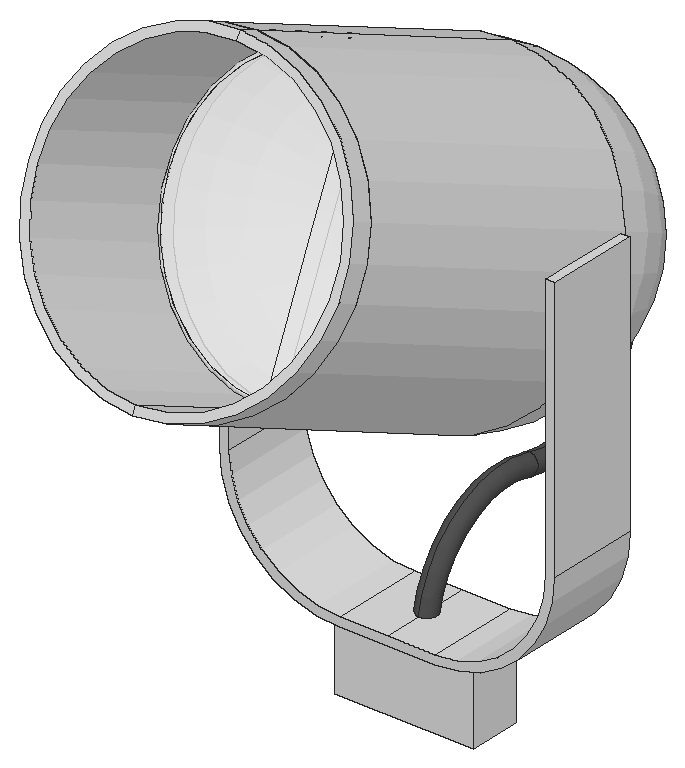
Revit family "AKTRCP20", category Lighting Fixtures, host Face, Revit 2012
Parameters (values of type "AKTRCP20")
  Wire = Black
  Wattage Comments = "300W"
  Wattage = 300 W
  built-in parameter 1150110 = 1 (stored number, unit not read)
  built-in parameter 1114217 = 1 (stored number, unit not read)
  Tilt Angle = -90.00°
  built-in parameter 1150109 = 1 (stored number, unit not read)
  built-in parameter 1150134 = 3
  built-in parameter 1150113 = 1 (stored number, unit not read)
  Photometric Web File = "generic"
  built-in parameter 1150142 = (empty or 0)
  built-in parameter 1150105 = 3546.2 (stored number, unit not read)
  Lumens = 44562.6 lm
  built-in parameter 1150115 = 1 (stored number, unit not read)
  built-in parameter 1150137 = (empty or 0)
  built-in parameter 1150139 = (empty or 0)
  built-in parameter 1150112 = 1 (stored number, unit not read)
  built-in parameter 1150114 = 1 (stored number, unit not read)
  built-in parameter 1150132 = (empty or 0)
  built-in parameter 1150102 = (empty or 0)
  built-in parameter 1150107 = 3200 (stored number, unit not read)
  built-in parameter 1150138 = (empty or 0)
  built-in parameter 1150106 = 35.462 (stored number, unit not read)
  Finish = Baked enamel finish (White)
  URL = "http://www.prescolite.com"
  Product Page URL = "http://www.prescolite.com/products/round_back_cylinders/?pbid=94170"
  Product Documentation Link = "http://www.prescolite.com/content/products/specs/specs_files/atrk_017.pdf"
  Model = "AKTRCP20"  # constant formula
  Manufacturer Phone = "864-678-1000"  # constant formula
  Manufacturer Fax = "864-678-1065"  # constant formula
  Manufacturer = "Prescolite"  # constant formula
  Lamp = "1"
  Glass = Glass
  Family = "Round Back Cylinder"
  built-in parameter 1150104 = 13.8 (stored number, unit not read)
  Dimming Lamp Color Temperature Shift = <None>
  Description = "One Line Voltage Lamp up to 300W"  # constant formula
  Default Elevation = 48"
  Color Filter = 16777215
  built-in parameter 1114218 = 1 (stored number, unit not read)
  built-in parameter 1150133 = 10 (stored number, unit not read)
Reference planes (in)
  plane 1 "Center (Front/Back)": y = 0
  plane 2: z = 0
  plane 3 "Center (Left/Right)": x = 0.0375
  plane 4: z = 8
  plane 5: through (0, -5.58377, 7.00425) normal (0, -0.4226, -0.9063)
  plane 6: through (0, -3.33377, 7.00425) normal (0, -0.9063, 0.4226)
  plane 7: x = -1.67949
  plane 8: through (0, 3.0767, 6.55433) normal (0, -0.9063, 0.4226)
  plane 9: through (0, -4.46201, 4.58474) normal (0, -0.4226, -0.9063)
  plane 10: through (0, -3.00926, 7.70017) normal (0, -0.4226, -0.9063)
Forms (in)
  Revolve 1, solid, material "Baked enamel finish (White)" <- "Finish"
    sketch origin (0.0375, -2.45915, 1.29685) x (0, -1, 0) y (0, 0, 1)
      loop
        line (0.55011, 6.40332) -> (0.32353, 6.29767) -> (0.34703, 6.24728) -> (-1.36905, 5.44706) -> (-1.35028, 5.40682) -> (0.59237, 6.31269) -> (0.55011, 6.40332)
      axis (1.27648, 4.84561) -> (-0.66617, 3.93973)
    angle from 0 to 360
  Extrusion 2, solid, material "Baked enamel finish (White)" <- "Finish"
    sketch origin (0, -1.03559, -0.09278) x (1, 0, 0) y (0, 0, 1)
      loop
        line (-1.67949, 5.09278) -> (-1.77949, 5.09278) -> (-1.77949, 2.22452)
        arc (-1.77949, 2.22452) -> (-1.39873, 1.30528) -> (-0.47949, 0.92452) r 1.3
        line (-0.47949, 0.92452) -> (0.0375, 0.92452) -> (0.55449, 0.92452)
        arc (0.55449, 0.92452) -> (1.47373, 1.30528) -> (1.85449, 2.22452) r 1.3
        line (1.85449, 2.22452) -> (1.85449, 5.09278) -> (1.75449, 5.09278) -> (1.75449, 2.22452)
        arc (1.75449, 2.22452) -> (1.40302, 1.37599) -> (0.55449, 1.02452) r 1.2
        line (0.55449, 1.02452) -> (0.0375, 1.02452) -> (-0.47949, 1.02452)
        arc (-0.47949, 1.02452) -> (-1.32802, 1.37599) -> (-1.67949, 2.22452) r 1.2
        line (-1.67949, 2.22452) -> (-1.67949, 5.09278)
    from -1.03559 to -0.02177
  Extrusion 3, solid, material "Baked enamel finish (White)" <- "Finish"
    sketch origin (0.075, 0.08483, 0) x (-1, 0, 0) y (0, 0, 1)
      loop
        line (-0.7125, 0) -> (0.7875, 0) -> (0.7875, 0.75) -> (0.5375, 0.75) -> (0.5375, 0.83174) -> (0.0375, 0.83174) -> (-0.4625, 0.83174) -> (-0.4625, 0.75) -> (-0.7125, 0.75) -> (-0.7125, 0)
    from -0.30055 to -0.86935
  Sweep 4, solid, material "Black" <- "Wire"
    path origin (0.0375, 0.44139, 0.0656) x (0, -1, 0) y (0, 0, 1)
      loop
        arc (-1.19627, 3.57124) -> (-1.6681, 2.2917) -> (-0.43985, 1.69904) r 1.01432
        arc (-0.43985, 1.69904) -> (0.53548, 1.51031) -> (0.94237, 0.60404) r 1.07807
    profile origin (0.0375, -0.09409, 1.57591) x (0, -0.620961, 0.783841) y (-1, 0, 0)
      loop
        circle (0, 0) r 0.1083
  Revolve 5, solid, material "Glass" <- "Glass"
    sketch origin (0.0375, 0.32012, -0.59764) x (0, -1, 0) y (0, 0, 1)
      loop
        line (2.33968, 5.93987) -> (1.67722, 7.36051)
        arc (1.67722, 7.36051) -> (1.64816, 7.38714) -> (1.60878, 7.38542) r 0.0515
        line (1.60878, 7.38542) -> (1.42888, 7.30153) -> (2.1131, 5.83421) -> (2.33968, 5.93987)
      axis (2.33968, 5.93987) -> (2.1131, 5.83421)
    angle from 0 to 360
  Revolve 6, solid, material "Baked enamel finish (White)" <- "Finish"
    sketch origin (0.0375, 0, 0) x (0, -1, 0) y (0, 0, 1)
      loop
        line (2.78268, 7.59451) -> (-0.66858, 5.98516)
        arc (-0.66858, 5.98516) -> (-1.63608, 4.99181) -> (-1.70222, 3.60674) r 1.95645
        line (-1.70222, 3.60674) -> (0.69608, 4.72508)
        arc (0.69608, 4.72508) -> (0.56616, 5.7983) -> (1.0901, 6.74391) r 1.75424
        line (1.0901, 6.74391) -> (2.80618, 7.54412) -> (2.78268, 7.59451)
      axis (-1.70222, 3.60674) -> (3.50905, 6.0368)
    angle from 0 to 360
Dimensions and locks (in)
  locked: plane 4 to plane 2 at 8
  locked: plane 8 to plane 6 at 6
  locked: plane 9 to plane 10 at 3.4375
  aligned and locked: plane 2 to host face
  aligned and locked: level to host face
  aligned and locked: level to Extrusion 3 sketch curve
  aligned and locked: Extrusion 3 sketch curve to Extrusion 2  (x3)
  aligned and locked: Extrusion 3 sketch curve to level
  aligned and locked: plane 5 to Revolve 5 sketch curve  (x3)
  aligned and locked: Revolve 5 sketch curve to plane 5
  aligned and locked: imposter light to Extrusion 2 sketch curve  (x2)
  aligned and locked: Revolve 1 sketch curve to plane 5
  aligned and locked: Extrusion 2 sketch curve to plane 7
  aligned and locked: Revolve 6 sketch curve to Revolve 1  (x2)
  aligned and locked: Revolve 6 sketch curve to plane 5  (x2)
  aligned and locked: plane 10 to Revolve 1 sketch curve
  aligned and locked: plane 10 to Revolve 6 sketch curve
  aligned and locked: plane 8 to Revolve 6 sketch curve
  aligned and locked: Revolve 1 to Revolve 6 sketch curve
Connectors (in)
  electrical at (0.0375, -0.50012, 0), driven by "Description"
    settings: on Extrusion 3, index 1, voltage 0 V, apparent load 0 VA, apparent load phase1 0 VA, apparent load phase2 0 VA, apparent load phase3 0 VA, power factor 1, load classification "Other", number of poles 1, system type 30, power factor state 1, is connector primary yes, connector utility no, sub classification motor no, connector description "One Line Voltage Lamp up to 300W"
